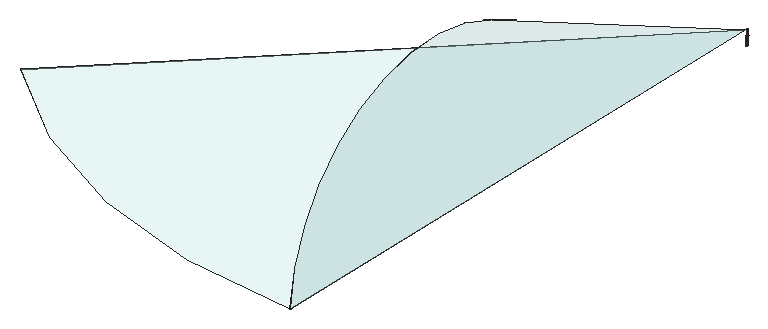
Revit family "Rotor 5000 Series - 5006+PCSAMRNS", category Acessórios do tubo, Revit 2020
Family settings
  Cota do conector redondo = Utilizar diâmetro
  Tipo de parte = Normal
  Número OmniClass = 23.60.30.11.14
  Título OmniClass = Pipework Fittings
  Com base no plano de trabalho = Não
  Sempre na vertical = Sim
  Corte com vazios quando carregada = Não
  Compartilhado = Não
Parameters (values of type "Rain Curtain 6.0")
  Water = Water
  URL = "https://www.rainbird.com/"
  TABLE 65 = "TABLE 65psi"
  TABLE 55 75 = "TABLE 55 75psi"
  TABLE 55 = "TABLE 55psi"
  TABLE 45 = "TABLE 45psi"
  TABLE 35 = "TABLE 35psi"
  TABLE 25 = "TABLE 25psi"
  SupportProjetos: Reviw Date = ""  # constant formula
  SupportProjetos: Reviw = "R00"  # constant formula
  SupportProjetos: Level of Detail = "LOD 300"  # constant formula
  SupportProjetos: Developed = "MICHEL SOARES MOTA"  # constant formula
  SupportProjetos: Creation Date = "07/08/2020"  # constant formula
  Side inlet = no
  Rotation Water Visibility [instance] = Pop up on  # yes
  Rotation Angle [instance] = 45.00°
  RainBird: Product Link = "https://www.rainbird.com/"
  RainBird: Description = "5006+PC-SAM-R-NP-SS Rotor "  # constant formula
  RainBird: Comment [instance] = ""
  RainBird: Code = "Y65970SSNP"  # constant formula
  Radius [instance] = if(and(Pressure = 25.0 psi, Instance < 25 ft), size_lookup(TABLE 25, "Radius", 0 ft, Instance), if(and(Pressure = 35.0 psi, Instance < 25 ft), size_lookup(TABLE 35, "Radius", 0 ft, Instance), if(and(Pressure = 45.0 psi, Instance < 25 ft), size_lookup(TABLE 45, "Radius", 0 ft, Instance), if(and(Pressure = 55.0 psi, Instance < 13 ft), size_lookup(TABLE 55, "Radius", 0 ft, Instance), if(and(Pressure = 65.0 psi, Instance < 13 ft), size_lookup(TABLE 65, "Radius", 0 ft, Instance), if(and(Pressure > 55.0 psi, Instance > 13 ft), size_lookup(TABLE 55 75, "Radius", 0 ft, Instance), 0 ft))))))  # 50 ft
  RT = 0.009893 ft
  RN = 0.032808 ft
  R5 = 0.03937 ft
  R4 = 0.04101 ft
  R3 = 0.065617 ft
  R2 = 0.075407 ft
  R1 = 0.032808 ft
  Pressure [instance] = 55.0 psi
  Pop up height = 0.499 ft  # constant formula
  Pop up on [instance] = yes
  Modelo = "5006+PCSAMRNS"  # constant formula
  Instance = 7 ft
  H1 = Body height / 3  # 0.268 ft
  Flow [instance] = if(and(Pressure = 25.0 psi, Instance < 25 ft), size_lookup(TABLE 25, "Flow", 0.0 GPM, Instance), if(and(Pressure = 35.0 psi, Instance < 25 ft), size_lookup(TABLE 35, "Flow", 0.0 GPM, Instance), if(and(Pressure = 45.0 psi, Instance < 25 ft), size_lookup(TABLE 45, "Flow", 0.0 GPM, Instance), if(and(Pressure = 55.0 psi, Instance < 13 ft), size_lookup(TABLE 55, "Flow", 0.0 GPM, Instance), if(and(Pressure = 65.0 psi, Instance < 13 ft), size_lookup(TABLE 65, "Flow", 0.0 GPM, Instance), if(and(Pressure > 55.0 psi, Instance > 13 ft), size_lookup(TABLE 55 75, "Flow", 0.0 GPM, Instance), 0.0 GPM))))))  # 6.63 GPM
  Fabricante = "Rain Bird"
  Elevação padrão = 0 ft
  Description = RainBird: Description  # "5006+PC-SAM-R-NP-SS Rotor "
  DD13 = 0.002625 ft
  DD12 = 0.003937 ft
  DD11 = 0.009897 ft
  DD10 = 0.016404 ft
  DD8 [instance] = if(Pop up on, Pop up height, 0 ft)  # 0.499 ft
  DD7 = 0.019685 ft
  DD6 [instance] = 0.016404 ft
  DD5 = 0.065617 ft
  DD4 = 0.032808 ft
  DD3 = 0.091048 ft
  DD2 [instance] = 0.024514 ft
  DD9 [instance] = if(Pop up on, Pop up height + 0.049541 ft, 0 ft)  # 0.548541 ft
  DD1 = 0.006562 ft
  Conection = 0.062664 ft  # constant formula
  Body height = 0.804 ft  # constant formula
  Blue = Blue Plastic
  Black Plastic = Black Plastic
  Angle = 25.00°
Types (25, lengths in ft): name | Rotation Angle | Radius | Pressure | Instance | Flow
  (no name) | 45.00° | 50 | 55.0 psi | 7 | 6.63 GPM
  Rain Curtain 1.5 | 180.00° | 33 | 25.0 psi | 1 | 1.12 GPM
  Rain Curtain 2.0 | 180.00° | 35 | 25.0 psi | 2 | 1.5 GPM
  Rain Curtain 3.0 | 180.00° | 36 | 25.0 psi | 4 | 2.26 GPM
  Rain Curtain 4.0 | 180.00° | 36 | 25.0 psi | 5 | 2.91 GPM
  Rain Curtain 5.0 | 180.00° | 37 | 25.0 psi | 6 | 3.72 GPM
  Rain Curtain 6.0 | 45.00° | 50 | 55.0 psi | 7 | 6.63 GPM
  Rain Curtain 8.0 | 180.00° | 33 | 25.0 psi | 8 | 5.9 GPM
  Rain Curtain 2.5 | 180.00° | 35 | 25.0 psi | 3 | 1.81 GPM
  1.0 LA | 180.00° | 25 | 25.0 psi | 9 | 0.76 GPM
  1.5 LA | 180.00° | 27 | 25.0 psi | 10 | 1.15 GPM
  2.0 LA | 180.00° | 29 | 25.0 psi | 11 | 1.47 GPM
  3.0 LA | 180.00° | 29 | 25.0 psi | 12 | 2.23 GPM
  PRS Rain Curtain 1.5 | 180.00° | 33 | 25.0 psi | 13 | 1.12 GPM
  PRS Rain Curtain 2.0 | 180.00° | 35 | 25.0 psi | 14 | 1.5 GPM
  PRS Rain Curtain 2.5 | 180.00° | 35 | 25.0 psi | 15 | 1.81 GPM
  PRS Rain Curtain 3.0 | 180.00° | 36 | 25.0 psi | 16 | 2.26 GPM
  PRS Rain Curtain 4.0 | 180.00° | 36 | 25.0 psi | 17 | 2.91 GPM
  PRS Rain Curtain 5.0 | 180.00° | 37 | 25.0 psi | 18 | 3.72 GPM
  PRS Rain Curtain 6.0 | 180.00° | 37 | 25.0 psi | 19 | 4.25 GPM
  PRS Rain Curtain 8.0 | 180.00° | 33 | 25.0 psi | 20 | 5.9 GPM
  PRS 1.0 LA | 180.00° | 25 | 25.0 psi | 21 | 0.76 GPM
  PRS 1.5 LA | 180.00° | 27 | 25.0 psi | 22 | 1.15 GPM
  PRS 2.0 LA | 180.00° | 29 | 25.0 psi | 23 | 1.47 GPM
  PRS 3.0 LA | 180.00° | 29 | 25.0 psi | 24 | 2.23 GPM
Reference planes (ft)
  plane 1 "Centro (Frente/Trás)": y = 0
  plane 2: z = 0
  plane 3 "Centro (Esquerda/Direita)": x = 0
  plane 4: z = 0.003937
  plane 5: z = 0.002625
  plane 6: y = -0.065617
Forms (ft)
  Revolve 1, solid, material "Black Plastic" <- "Black Plastic"
    sketch origin (0, 0, 0) x (1, 0, 0) y (0, 0, 1)
      loop
        line (0.075407, -0.091048) -> (0.075407, -0.035324)
        arc (0.075407, -0.035324) -> (0.072509, -0.028329) -> (0.065514, -0.025431) r 0.009893
        line (0.065514, -0.025431) -> (0.046098, -0.025431) -> (0.046098, 0) -> (0.03937, 0) -> (0.03937, -0.499) -> (0.019685, -0.499) -> (0.019685, -0.797438) -> (0.032808, -0.797438) -> (0.032808, -0.804) -> (0.04101, -0.804) -> (0.04101, -0.797438) -> (0.055724, -0.797438)
        arc (0.055724, -0.797438) -> (0.062719, -0.794541) -> (0.065617, -0.787545) r 0.009893
        line (0.065617, -0.787545) -> (0.065617, -0.091048) -> (0.075407, -0.091048)
      axis (0, -0.804) -> (0, 0)
    angle from 0 to 360
  Extrusion 2, solid, material "Black Plastic" <- "Black Plastic"
    sketch origin (0, 0, 0) x (1, 0, 0) y (0, 1, 0)
      loop
        circle (0, 0) r 0.032808
    from -0.499 to 0.499
  Extrusion 3, void
    sketch origin (0, 0, 0) x (1, 0, 0) y (0, 1, 0)
      loop
        circle (0, 0) r 0.022844
    from -0.499 to 0.499
  Revolve 4, solid, material "Black Plastic" <- "Black Plastic"
    sketch origin (0, 0, 0) x (1, 0, 0) y (0, 0, 1)
      loop
        line (0, 0.499) -> (0.037004, 0.499) -> (0.037004, 0.508897)
        arc (0.037004, 0.508897) -> (0.01879, 0.51379) -> (0, 0.515404) r 0.10685
        line (0, 0.515404) -> (0, 0.499)
      axis (0, 0.499) -> (0, 0.515404)
    angle from 0 to 360
  Extrusion 5, solid, material "Blue Plastic" <- "Blue"
    sketch origin (0, 0, 0) x (1, 0, 0) y (0, 0, 1)
      loop
        circle (0, 0.474486) r 0.009129
      loop
        circle (0, 0.474486) r 0.004793
    from 0 to 0.034386
  Extrusion 6, void
    sketch origin (0, 0, 0) x (1, 0, 0) y (0, 0, 1)
      loop
        line (-0.02074, 0.328055) -> (-0.02074, 0.282426) -> (0.020672, 0.282426) -> (0.020672, 0.328055) -> (-0.02074, 0.328055)
      loop
        line (-0.018439, 0.325179) -> (-0.018439, 0.285685) -> (0.018179, 0.285685) -> (0.018179, 0.325179) -> (-0.018439, 0.325179)
    from 0.024556 to 0.06931
  Extrusion 7, solid, material "Black Plastic" <- "Black Plastic"
    sketch origin (0, 0, 0) x (1, 0, 0) y (0, 0, 1)
      loop
        line (0.046098, 0) -> (0.046098, -0.036876) -> (0.073493, -0.036876) -> (0.046098, 0)
    from -0.002998 to 0.002998
  Extrusion 8, solid, material "Black Plastic" <- "Black Plastic"
    sketch origin (0, 0, 0) x (-1, 0, 0) y (0, 0, -1)
      loop
        line (0.046098, 0) -> (0.073493, 0.036876) -> (0.046098, 0.036876) -> (0.046098, 0)
    from -0.002998 to 0.002998
  Extrusion 9, solid, material "Black Plastic" <- "Black Plastic"
    sketch origin (0, 0, 0) x (0.866025, 0.5, 0) y (0, 0, 1)
      loop
        line (0.046098, 0) -> (0.046098, -0.036876) -> (0.073493, -0.036876) -> (0.046098, 0)
    from -0.002998 to 0.002998
  Extrusion 10, solid, material "Black Plastic" <- "Black Plastic"
    sketch origin (0, 0, 0) x (-0.866025, -0.5, 0) y (0, 0, -1)
      loop
        line (0.046098, 0) -> (0.073493, 0.036876) -> (0.046098, 0.036876) -> (0.046098, 0)
    from -0.002998 to 0.002998
  Extrusion 11, solid, material "Black Plastic" <- "Black Plastic"
    sketch origin (0, 0, 0) x (0, 1, 0) y (0, 0, 1)
      loop
        line (0.046098, 0) -> (0.046098, -0.036876) -> (0.073493, -0.036876) -> (0.046098, 0)
    from -0.002998 to 0.002998
  Extrusion 12, solid, material "Black Plastic" <- "Black Plastic"
    sketch origin (0, 0, 0) x (0, -1, 0) y (0, 0, -1)
      loop
        line (0.046098, 0) -> (0.073493, 0.036876) -> (0.046098, 0.036876) -> (0.046098, 0)
    from -0.002998 to 0.002998
  Extrusion 13, solid, material "Black Plastic" <- "Black Plastic"
    sketch origin (0, 0, 0) x (0.5, 0.866025, 0) y (0, 0, 1)
      loop
        line (0.046098, 0) -> (0.046098, -0.036876) -> (0.073493, -0.036876) -> (0.046098, 0)
    from -0.002998 to 0.002998
  Extrusion 14, solid, material "Black Plastic" <- "Black Plastic"
    sketch origin (0, 0, 0) x (-0.5, -0.866025, 0) y (0, 0, -1)
      loop
        line (0.046098, 0) -> (0.073493, 0.036876) -> (0.046098, 0.036876) -> (0.046098, 0)
    from -0.002998 to 0.002998
  Extrusion 15, solid, material "Black Plastic" <- "Black Plastic"
    sketch origin (0, 0, 0) x (-0.5, 0.866025, 0) y (0, 0, 1)
      loop
        line (0.046098, 0) -> (0.046098, -0.036876) -> (0.073493, -0.036876) -> (0.046098, 0)
    from -0.002998 to 0.002998
  Extrusion 16, solid, material "Black Plastic" <- "Black Plastic"
    sketch origin (0, 0, 0) x (0.5, -0.866025, 0) y (0, 0, -1)
      loop
        line (0.046098, 0) -> (0.073493, 0.036876) -> (0.046098, 0.036876) -> (0.046098, 0)
    from -0.002998 to 0.002998
  Extrusion 17, solid, material "Black Plastic" <- "Black Plastic"
    sketch origin (0, 0, 0) x (-0.866025, 0.5, 0) y (0, 0, 1)
      loop
        line (0.046098, 0) -> (0.046098, -0.036876) -> (0.073493, -0.036876) -> (0.046098, 0)
    from -0.002998 to 0.002998
  Extrusion 18, solid, material "Black Plastic" <- "Black Plastic"
    sketch origin (0, 0, 0) x (0.866025, -0.5, 0) y (0, 0, -1)
      loop
        line (0.046098, 0) -> (0.073493, 0.036876) -> (0.046098, 0.036876) -> (0.046098, 0)
    from -0.002998 to 0.002998
  Extrusion 19, void
    sketch origin (0, 0, 0) x (1, 0, 0) y (0, 1, 0)
      loop
        line (-0.002998, 0.077702) -> (-0.002998, 0.071655) -> (0.002998, 0.071655) -> (0.002998, 0.077702) -> (-0.002998, 0.077702)
    from -0.091048 to 0.82021
  Extrusion 20, void
    sketch origin (0, 0, 0) x (1, 0, 0) y (0, 1, 0)
      loop
        line (0.002998, -0.077702) -> (0.002998, -0.071655) -> (-0.002998, -0.071655) -> (-0.002998, -0.077702) -> (0.002998, -0.077702)
    from -0.091048 to 0.82021
  Extrusion 21, void
    sketch origin (0, 0, 0) x (0.965926, 0.258819, 0) y (-0.258819, 0.965926, 0)
      loop
        line (-0.002998, 0.077702) -> (-0.002998, 0.071655) -> (0.002998, 0.071655) -> (0.002998, 0.077702) -> (-0.002998, 0.077702)
    from -0.091048 to 0.82021
  Extrusion 22, void
    sketch origin (0, 0, 0) x (0.965926, 0.258819, 0) y (-0.258819, 0.965926, 0)
      loop
        line (0.002998, -0.077702) -> (0.002998, -0.071655) -> (-0.002998, -0.071655) -> (-0.002998, -0.077702) -> (0.002998, -0.077702)
    from -0.091048 to 0.82021
  Extrusion 23, void
    sketch origin (0, 0, 0) x (0.866025, 0.5, 0) y (-0.5, 0.866025, 0)
      loop
        line (-0.002998, 0.077702) -> (-0.002998, 0.071655) -> (0.002998, 0.071655) -> (0.002998, 0.077702) -> (-0.002998, 0.077702)
    from -0.091048 to 0.82021
  Extrusion 24, void
    sketch origin (0, 0, 0) x (0.866025, 0.5, 0) y (-0.5, 0.866025, 0)
      loop
        line (0.002998, -0.077702) -> (0.002998, -0.071655) -> (-0.002998, -0.071655) -> (-0.002998, -0.077702) -> (0.002998, -0.077702)
    from -0.091048 to 0.82021
  Extrusion 25, void
    sketch origin (0, 0, 0) x (0.5, 0.866025, 0) y (-0.866025, 0.5, 0)
      loop
        line (-0.002998, 0.077702) -> (-0.002998, 0.071655) -> (0.002998, 0.071655) -> (0.002998, 0.077702) -> (-0.002998, 0.077702)
    from -0.091048 to 0.82021
  Extrusion 26, void
    sketch origin (0, 0, 0) x (0.5, 0.866025, 0) y (-0.866025, 0.5, 0)
      loop
        line (0.002998, -0.077702) -> (0.002998, -0.071655) -> (-0.002998, -0.071655) -> (-0.002998, -0.077702) -> (0.002998, -0.077702)
    from -0.091048 to 0.82021
  Extrusion 27, void
    sketch origin (0, 0, 0) x (0.707107, 0.707107, 0) y (-0.707107, 0.707107, 0)
      loop
        line (-0.002998, 0.077702) -> (-0.002998, 0.071655) -> (0.002998, 0.071655) -> (0.002998, 0.077702) -> (-0.002998, 0.077702)
    from -0.091048 to 0.82021
  Extrusion 28, void
    sketch origin (0, 0, 0) x (0.707107, 0.707107, 0) y (-0.707107, 0.707107, 0)
      loop
        line (0.002998, -0.077702) -> (0.002998, -0.071655) -> (-0.002998, -0.071655) -> (-0.002998, -0.077702) -> (0.002998, -0.077702)
    from -0.091048 to 0.82021
  Extrusion 29, void
    sketch origin (0, 0, 0) x (0.258819, 0.965926, 0) y (-0.965926, 0.258819, 0)
      loop
        line (-0.002998, 0.077702) -> (-0.002998, 0.071655) -> (0.002998, 0.071655) -> (0.002998, 0.077702) -> (-0.002998, 0.077702)
    from -0.091048 to 0.82021
  Extrusion 30, void
    sketch origin (0, 0, 0) x (0.258819, 0.965926, 0) y (-0.965926, 0.258819, 0)
      loop
        line (0.002998, -0.077702) -> (0.002998, -0.071655) -> (-0.002998, -0.071655) -> (-0.002998, -0.077702) -> (0.002998, -0.077702)
    from -0.091048 to 0.82021
  Extrusion 31, void
    sketch origin (0, 0, 0) x (0, 1, 0) y (-1, 0, 0)
      loop
        line (-0.002998, 0.077702) -> (-0.002998, 0.071655) -> (0.002998, 0.071655) -> (0.002998, 0.077702) -> (-0.002998, 0.077702)
    from -0.091048 to 0.82021
  Extrusion 32, void
    sketch origin (0, 0, 0) x (0, 1, 0) y (-1, 0, 0)
      loop
        line (0.002998, -0.077702) -> (0.002998, -0.071655) -> (-0.002998, -0.071655) -> (-0.002998, -0.077702) -> (0.002998, -0.077702)
    from -0.091048 to 0.82021
  Extrusion 33, void
    sketch origin (0, 0, 0) x (-0.258819, 0.965926, 0) y (-0.965926, -0.258819, 0)
      loop
        line (-0.002998, 0.077702) -> (-0.002998, 0.071655) -> (0.002998, 0.071655) -> (0.002998, 0.077702) -> (-0.002998, 0.077702)
    from -0.091048 to 0.82021
  Extrusion 34, void
    sketch origin (0, 0, 0) x (-0.258819, 0.965926, 0) y (-0.965926, -0.258819, 0)
      loop
        line (0.002998, -0.077702) -> (0.002998, -0.071655) -> (-0.002998, -0.071655) -> (-0.002998, -0.077702) -> (0.002998, -0.077702)
    from -0.091048 to 0.82021
  Extrusion 35, void
    sketch origin (0, 0, 0) x (-0.5, 0.866025, 0) y (-0.866025, -0.5, 0)
      loop
        line (-0.002998, 0.077702) -> (-0.002998, 0.071655) -> (0.002998, 0.071655) -> (0.002998, 0.077702) -> (-0.002998, 0.077702)
    from -0.091048 to 0.82021
  Extrusion 36, void
    sketch origin (0, 0, 0) x (-0.5, 0.866025, 0) y (-0.866025, -0.5, 0)
      loop
        line (0.002998, -0.077702) -> (0.002998, -0.071655) -> (-0.002998, -0.071655) -> (-0.002998, -0.077702) -> (0.002998, -0.077702)
    from -0.091048 to 0.82021
  Extrusion 37, void
    sketch origin (0, 0, 0) x (-0.707107, 0.707107, 0) y (-0.707107, -0.707107, 0)
      loop
        line (-0.002998, 0.077702) -> (-0.002998, 0.071655) -> (0.002998, 0.071655) -> (0.002998, 0.077702) -> (-0.002998, 0.077702)
    from -0.091048 to 0.82021
  Extrusion 38, void
    sketch origin (0, 0, 0) x (-0.707107, 0.707107, 0) y (-0.707107, -0.707107, 0)
      loop
        line (0.002998, -0.077702) -> (0.002998, -0.071655) -> (-0.002998, -0.071655) -> (-0.002998, -0.077702) -> (0.002998, -0.077702)
    from -0.091048 to 0.82021
  Extrusion 39, void
    sketch origin (0, 0, 0) x (-0.866025, 0.5, 0) y (-0.5, -0.866025, 0)
      loop
        line (-0.002998, 0.077702) -> (-0.002998, 0.071655) -> (0.002998, 0.071655) -> (0.002998, 0.077702) -> (-0.002998, 0.077702)
    from -0.091048 to 0.82021
  Extrusion 40, void
    sketch origin (0, 0, 0) x (-0.866025, 0.5, 0) y (-0.5, -0.866025, 0)
      loop
        line (0.002998, -0.077702) -> (0.002998, -0.071655) -> (-0.002998, -0.071655) -> (-0.002998, -0.077702) -> (0.002998, -0.077702)
    from -0.091048 to 0.82021
  Extrusion 41, void
    sketch origin (0, 0, 0) x (-0.965926, 0.258819, 0) y (-0.258819, -0.965926, 0)
      loop
        line (-0.002998, 0.077702) -> (-0.002998, 0.071655) -> (0.002998, 0.071655) -> (0.002998, 0.077702) -> (-0.002998, 0.077702)
    from -0.091048 to 0.82021
  Extrusion 42, void
    sketch origin (0, 0, 0) x (-0.965926, 0.258819, 0) y (-0.258819, -0.965926, 0)
      loop
        line (0.002998, -0.077702) -> (0.002998, -0.071655) -> (-0.002998, -0.071655) -> (-0.002998, -0.077702) -> (0.002998, -0.077702)
    from -0.091048 to 0.82021
  Extrusion 43, solid, material "Water" <- "Water", visible <- "Rotation Water Visibility"
    sketch origin (0, 0, 0) x (0, 1, 0) y (0, 0, 1)
      loop
        line (-0.032808, 0.474486) -> (-27.969074, 13.50138)
        arc (-27.969074, 13.50138) -> (-42.432078, 12.799272) -> (-50.032808, 0.474486) r 15.534311
        line (-50.032808, 0.474486) -> (-0.032808, 0.474486)
    from -0.008202 to 0.008202
Cuts and joins
  Extrusion 3, Extrusion 6 cuts Extrusion 2
  Extrusion 19, Extrusion 20, Extrusion 21, Extrusion 22, Extrusion 23, Extrusion 24, Extrusion 25, Extrusion 26, Extrusion 27, Extrusion 28, Extrusion 29, Extrusion 30, Extrusion 31, Extrusion 32, Extrusion 33, Extrusion 34, Extrusion 35, Extrusion 36, Extrusion 37, Extrusion 38, Extrusion 39, Extrusion 40, Extrusion 41, Extrusion 42 cuts Revolve 1
Dimensions and locks (ft)
  "Body height": level to Revolve 1 sketch curve
  "R2": Revolve 1 sketch curve to plane 3 "Centro (Esquerda/Direita)"
  "DD1": Revolve 1 sketch curve to Revolve 1 sketch curve
  "DD3": level to Revolve 1 sketch curve
  Revolve 1 sketch curve to plane 3 "Centro (Esquerda/Direita)" = 0.065617 ft
  "R4": Revolve 1 sketch curve to plane 3 "Centro (Esquerda/Direita)"
  "RN": Revolve 1 sketch curve to plane 3 "Centro (Esquerda/Direita)"
  "Pop up height": level to Revolve 1 sketch curve
  "R5": plane 3 "Centro (Esquerda/Direita)" to Revolve 1 sketch curve
  "DD7": Revolve 1 sketch curve to plane 3 "Centro (Esquerda/Direita)"
  "DD8": Extrusion 2 to level
  "DD12": plane 4 to level
  "DD13": plane 5 to level
  "R3": plane 6 to plane 1 "Centro (Frente/Trás)"
  "DD5": Revolve 1 sketch curve to Revolve 1 sketch curve
  "DD10": Revolve 4 sketch curve to Revolve 4 sketch curve
  "DD11": Revolve 4 sketch curve to Revolve 4 sketch curve
  "DD2": Revolve 4 to Extrusion 5 sketch curve  (x2)
  Extrusion 7 to plane 3 "Centro (Esquerda/Direita)" = 0.046098 ft
  equal spacing: Extrusion 7, plane 1 "Centro (Frente/Trás)", Extrusion 7
  Extrusion 8 to Extrusion 8 = 0.005995 ft
  Extrusion 9 to Extrusion 9 = 0.005995 ft
  Extrusion 20 sketch curve to Extrusion 20 sketch curve = 0.005995 ft
  Extrusion 22 sketch curve to Extrusion 22 sketch curve = 0.005995 ft
  Extrusion 24 sketch curve to Extrusion 24 sketch curve = 0.005995 ft
  Extrusion 26 sketch curve to Extrusion 26 sketch curve = 0.005995 ft
  Extrusion 28 sketch curve to Extrusion 28 sketch curve = 0.005995 ft
  Extrusion 30 sketch curve to Extrusion 30 sketch curve = 0.005995 ft
  Extrusion 32 sketch curve to Extrusion 32 sketch curve = 0.005995 ft
  Extrusion 34 sketch curve to Extrusion 34 sketch curve = 0.005995 ft
  Extrusion 36 sketch curve to Extrusion 36 sketch curve = 0.005995 ft
  Extrusion 38 sketch curve to Extrusion 38 sketch curve = 0.005995 ft
  Extrusion 40 sketch curve to Extrusion 40 sketch curve = 0.005995 ft
  Extrusion 42 sketch curve to Extrusion 42 sketch curve = 0.005995 ft
  "DD4": plane 1 "Centro (Frente/Trás)" to Extrusion 43 sketch curve
  "DD2": Revolve 4 to Extrusion 43 sketch curve
  "Radius": Extrusion 43 sketch curve to Extrusion 43 sketch curve
  equal spacing: Extrusion 43, plane 3 "Centro (Esquerda/Direita)", Extrusion 43
  "DD6": Extrusion 43 to Extrusion 43
  "DD2": Revolve 4 to nested 1
  "RT": radius of Revolve 1 sketch curve  (x2)
  "R1": radius of Extrusion 2 sketch curve
  "Angle": angle Extrusion 43 sketch curve to Extrusion 43 sketch curve
  aligned and locked: level to plane 2
  aligned and locked: Revolve 1 sketch curve to Revolve 1 sketch curve
  aligned and locked: Extrusion 2 to Revolve 1
  aligned and locked: cut or joined group of Extrusion 2, Extrusion 3, Extrusion 6 to cut or joined group of Extrusion 2, Extrusion 3, Extrusion 6  (x2)
  aligned and locked: Revolve 4 sketch curve to cut or joined group of Extrusion 2, Extrusion 3, Extrusion 6
  aligned and locked: Extrusion 20 to Revolve 1
  aligned and locked: Extrusion 22 to Revolve 1
  aligned and locked: Extrusion 24 to Revolve 1
  aligned and locked: Extrusion 28 to Revolve 1
  aligned and locked: Extrusion 26 to Revolve 1
  aligned and locked: Extrusion 30 to Revolve 1
  aligned and locked: Extrusion 32 to Revolve 1
  aligned and locked: Extrusion 34 to Revolve 1
  aligned and locked: Revolve 1 to Extrusion 36
  aligned and locked: Revolve 1 to Extrusion 38
  aligned and locked: Extrusion 41 to Revolve 1
  aligned and locked: Extrusion 39 to Revolve 1
  aligned and locked: Extrusion 37 to Revolve 1
  aligned and locked: Extrusion 35 to Revolve 1
  aligned and locked: Extrusion 33 to Revolve 1
  aligned and locked: Extrusion 31 to Revolve 1
  aligned and locked: Extrusion 29 to Revolve 1
  aligned and locked: Revolve 1 to Extrusion 25
  aligned and locked: Revolve 1 to Extrusion 27
  aligned and locked: Revolve 1 to Extrusion 19
  aligned and locked: Revolve 1 to Extrusion 21
  aligned and locked: Revolve 1 to Extrusion 42
  aligned and locked: Revolve 1 to Extrusion 40
  aligned and locked: Revolve 1 to Extrusion 23
Automatic sketch dimensions
  plane 1 "Centro (Frente/Trás)" to Extrusion 2 sketch curve = 0 ft
  Extrusion 2 sketch curve to plane 3 "Centro (Esquerda/Direita)" = 0 ft
  plane 1 "Centro (Frente/Trás)" to Extrusion 3 sketch curve = 0 ft
  Extrusion 3 sketch curve to plane 3 "Centro (Esquerda/Direita)" = 0 ft
  Revolve 4 sketch curve to plane 3 "Centro (Esquerda/Direita)" = 0 ft  (x2)
  plane 3 "Centro (Esquerda/Direita)" to Revolve 4 sketch curve = 0.000284 ft
  plane 3 "Centro (Esquerda/Direita)" to Revolve 4 sketch curve = 0.037004 ft
  Revolve 4 sketch curve to Revolve 4 sketch curve = 0.015719 ft
  Revolve 4 sketch curve to Revolve 4 sketch curve = 0.114829 ft
  Extrusion 5 sketch curve to Extrusion 5 sketch curve = 0 ft
  Extrusion 5 sketch curve to plane 3 "Centro (Esquerda/Direita)" = 0 ft
  Extrusion 6 sketch curve to plane 3 "Centro (Esquerda/Direita)" = 0.02074 ft
  Extrusion 6 sketch curve to Extrusion 6 sketch curve = 0.002301 ft
  plane 3 "Centro (Esquerda/Direita)" to Extrusion 6 sketch curve = 0.018179 ft
  Extrusion 6 sketch curve to Extrusion 6 sketch curve = 0.002492 ft
  plane 4 to Extrusion 6 sketch curve = 0.278489 ft
  Extrusion 6 sketch curve to Extrusion 6 sketch curve = 0.003259 ft
  Extrusion 6 sketch curve to Extrusion 6 sketch curve = 0.039494 ft
  Extrusion 6 sketch curve to Extrusion 6 sketch curve = 0.002876 ft
  Extrusion 7 sketch curve to level = 0 ft
  plane 3 "Centro (Esquerda/Direita)" to Extrusion 7 sketch curve = 0.046098 ft
  Extrusion 7 sketch curve to Extrusion 7 sketch curve = 0.027396 ft
  Extrusion 7 sketch curve to Extrusion 7 sketch curve = 0.036876 ft
  Extrusion 8 sketch curve to level = 0 ft
  plane 3 "Centro (Esquerda/Direita)" to Extrusion 8 sketch curve = 0.046098 ft
  Extrusion 8 sketch curve to Extrusion 8 sketch curve = 0.027396 ft
  Extrusion 8 sketch curve to Extrusion 8 sketch curve = 0.036876 ft
  Extrusion 9 sketch curve to level = 0 ft
  Extrusion 9 sketch curve to level = 0.036876 ft
  Extrusion 9 sketch curve to Extrusion 9 sketch curve = 0.027396 ft
  Extrusion 10 sketch curve to level = 0 ft
  Extrusion 10 sketch curve to level = 0.036876 ft
  Extrusion 10 sketch curve to Extrusion 10 sketch curve = 0.027396 ft
  Extrusion 11 sketch curve to level = 0 ft
  Extrusion 11 sketch curve to plane 1 "Centro (Frente/Trás)" = 0.046098 ft
  Extrusion 11 sketch curve to Extrusion 11 sketch curve = 0.027396 ft
  Extrusion 11 sketch curve to Extrusion 11 sketch curve = 0.036876 ft
  Extrusion 12 sketch curve to level = 0 ft
  plane 6 to Extrusion 12 sketch curve = 0.019519 ft
  Extrusion 12 sketch curve to plane 6 = 0.007877 ft
  Extrusion 12 sketch curve to level = 0.036876 ft
  Extrusion 13 sketch curve to level = 0 ft
  Extrusion 13 sketch curve to level = 0.036876 ft
  Extrusion 13 sketch curve to Extrusion 13 sketch curve = 0.027396 ft
  Extrusion 14 sketch curve to level = 0 ft
  Extrusion 14 sketch curve to level = 0.036876 ft
  Extrusion 14 sketch curve to Extrusion 14 sketch curve = 0.027396 ft
  level to Extrusion 15 sketch curve = 0 ft
  Extrusion 15 sketch curve to level = 0.036876 ft
  Extrusion 15 sketch curve to Extrusion 15 sketch curve = 0.027396 ft
  level to Extrusion 16 sketch curve = 0 ft
  Extrusion 16 sketch curve to level = 0.036876 ft
  Extrusion 16 sketch curve to Extrusion 16 sketch curve = 0.027396 ft
  level to Extrusion 17 sketch curve = 0 ft
  Extrusion 17 sketch curve to level = 0.036876 ft
  Extrusion 17 sketch curve to Extrusion 17 sketch curve = 0.027396 ft
  level to Extrusion 18 sketch curve = 0 ft
  Extrusion 18 sketch curve to level = 0.036876 ft
  Extrusion 18 sketch curve to Extrusion 18 sketch curve = 0.027396 ft
  Extrusion 19 sketch curve to plane 3 "Centro (Esquerda/Direita)" = 0.002998 ft
  Extrusion 19 sketch curve to plane 1 "Centro (Frente/Trás)" = 0.071655 ft
  Extrusion 19 sketch curve to Extrusion 19 sketch curve = 0.006047 ft
  plane 3 "Centro (Esquerda/Direita)" to Extrusion 20 sketch curve = 0.002998 ft
  plane 6 to Extrusion 20 sketch curve = 0.006038 ft
  Extrusion 20 sketch curve to Extrusion 20 sketch curve = 0.006047 ft
  plane 3 "Centro (Esquerda/Direita)" to Extrusion 19 sketch curve = 0.002998 ft
  Extrusion 21 sketch curve to plane 3 "Centro (Esquerda/Direita)" = 0.021441 ft
  Extrusion 21 sketch curve to plane 1 "Centro (Frente/Trás)" = 0.068438 ft
  Extrusion 21 sketch curve to Extrusion 21 sketch curve = 0.005995 ft
  Extrusion 21 sketch curve to Extrusion 21 sketch curve = 0.006047 ft
  Extrusion 22 sketch curve to plane 6 = 0.010213 ft
  plane 3 "Centro (Esquerda/Direita)" to Extrusion 22 sketch curve = 0.017215 ft
  Extrusion 22 sketch curve to Extrusion 22 sketch curve = 0.006047 ft
  Extrusion 23 sketch curve to plane 3 "Centro (Esquerda/Direita)" = 0.038424 ft
  Extrusion 23 sketch curve to plane 1 "Centro (Frente/Trás)" = 0.060556 ft
  Extrusion 23 sketch curve to Extrusion 23 sketch curve = 0.005995 ft
  Extrusion 23 sketch curve to Extrusion 23 sketch curve = 0.006047 ft
  Extrusion 24 sketch curve to plane 6 = 0.003174 ft
  plane 3 "Centro (Esquerda/Direita)" to Extrusion 24 sketch curve = 0.036255 ft
  Extrusion 24 sketch curve to Extrusion 24 sketch curve = 0.006047 ft
  Extrusion 25 sketch curve to plane 1 "Centro (Frente/Trás)" = 0.033231 ft
  Extrusion 25 sketch curve to plane 3 "Centro (Esquerda/Direita)" = 0.063554 ft
  Extrusion 25 sketch curve to Extrusion 25 sketch curve = 0.005995 ft
  Extrusion 25 sketch curve to Extrusion 25 sketch curve = 0.006047 ft
  Extrusion 26 sketch curve to plane 6 = 0.02417 ft
  Extrusion 26 sketch curve to plane 3 "Centro (Esquerda/Direita)" = 0.065793 ft
  Extrusion 26 sketch curve to Extrusion 26 sketch curve = 0.006047 ft
  Extrusion 27 sketch curve to plane 1 "Centro (Frente/Trás)" = 0.048548 ft
  Extrusion 27 sketch curve to plane 3 "Centro (Esquerda/Direita)" = 0.052787 ft
  Extrusion 27 sketch curve to Extrusion 27 sketch curve = 0.005995 ft
  Extrusion 27 sketch curve to Extrusion 27 sketch curve = 0.006047 ft
  plane 6 to Extrusion 28 sketch curve = 0.008554 ft
  plane 3 "Centro (Esquerda/Direita)" to Extrusion 28 sketch curve = 0.052824 ft
  Extrusion 28 sketch curve to Extrusion 28 sketch curve = 0.006047 ft
  Extrusion 29 sketch curve to plane 1 "Centro (Frente/Trás)" = 0.01565 ft
  Extrusion 29 sketch curve to plane 3 "Centro (Esquerda/Direita)" = 0.069989 ft
  Extrusion 29 sketch curve to Extrusion 29 sketch curve = 0.005995 ft
  Extrusion 29 sketch curve to Extrusion 29 sketch curve = 0.006047 ft
  plane 1 "Centro (Frente/Trás)" to Extrusion 30 sketch curve = 0.023006 ft
  plane 3 "Centro (Esquerda/Direita)" to Extrusion 30 sketch curve = 0.074278 ft
  Extrusion 30 sketch curve to Extrusion 30 sketch curve = 0.006047 ft
  plane 1 "Centro (Frente/Trás)" to Extrusion 31 sketch curve = 0.002998 ft
  Extrusion 31 sketch curve to plane 1 "Centro (Frente/Trás)" = 0.002998 ft
  Extrusion 31 sketch curve to plane 3 "Centro (Esquerda/Direita)" = 0.071655 ft
  Extrusion 31 sketch curve to Extrusion 31 sketch curve = 0.006047 ft
  plane 1 "Centro (Frente/Trás)" to Extrusion 32 sketch curve = 0.002998 ft
  plane 3 "Centro (Esquerda/Direita)" to Extrusion 32 sketch curve = 0.077702 ft
  Extrusion 32 sketch curve to Extrusion 32 sketch curve = 0.006047 ft
  plane 1 "Centro (Frente/Trás)" to Extrusion 33 sketch curve = 0.021441 ft
  Extrusion 33 sketch curve to plane 3 "Centro (Esquerda/Direita)" = 0.068438 ft
  Extrusion 33 sketch curve to Extrusion 33 sketch curve = 0.005995 ft
  Extrusion 33 sketch curve to Extrusion 33 sketch curve = 0.006047 ft
  Extrusion 34 sketch curve to plane 1 "Centro (Frente/Trás)" = 0.017215 ft
  plane 3 "Centro (Esquerda/Direita)" to Extrusion 34 sketch curve = 0.07583 ft
  Extrusion 34 sketch curve to Extrusion 34 sketch curve = 0.006047 ft
  plane 6 to Extrusion 35 sketch curve = 0.027193 ft
  Extrusion 35 sketch curve to plane 3 "Centro (Esquerda/Direita)" = 0.060556 ft
  Extrusion 35 sketch curve to Extrusion 35 sketch curve = 0.005995 ft
  Extrusion 35 sketch curve to Extrusion 35 sketch curve = 0.006047 ft
  Extrusion 36 sketch curve to plane 1 "Centro (Frente/Trás)" = 0.036255 ft
  plane 3 "Centro (Esquerda/Direita)" to Extrusion 36 sketch curve = 0.068791 ft
  Extrusion 36 sketch curve to Extrusion 36 sketch curve = 0.006047 ft
  plane 6 to Extrusion 37 sketch curve = 0.012829 ft
  Extrusion 37 sketch curve to plane 3 "Centro (Esquerda/Direita)" = 0.048548 ft
  Extrusion 37 sketch curve to Extrusion 37 sketch curve = 0.005995 ft
  Extrusion 37 sketch curve to Extrusion 37 sketch curve = 0.006047 ft
  Extrusion 38 sketch curve to plane 1 "Centro (Frente/Trás)" = 0.052824 ft
  plane 3 "Centro (Esquerda/Direita)" to Extrusion 38 sketch curve = 0.057063 ft
  Extrusion 38 sketch curve to Extrusion 38 sketch curve = 0.006047 ft
  plane 6 to Extrusion 39 sketch curve = 0.002063 ft
  Extrusion 39 sketch curve to plane 3 "Centro (Esquerda/Direita)" = 0.033231 ft
  Extrusion 39 sketch curve to Extrusion 39 sketch curve = 0.005995 ft
  Extrusion 39 sketch curve to Extrusion 39 sketch curve = 0.006047 ft
  plane 3 "Centro (Esquerda/Direita)" to Extrusion 40 sketch curve = 0.041447 ft
  Extrusion 40 sketch curve to plane 1 "Centro (Frente/Trás)" = 0.065793 ft
  Extrusion 40 sketch curve to Extrusion 40 sketch curve = 0.006047 ft
  Extrusion 41 sketch curve to plane 6 = 0.004372 ft
  Extrusion 41 sketch curve to plane 3 "Centro (Esquerda/Direita)" = 0.01565 ft
  Extrusion 41 sketch curve to Extrusion 41 sketch curve = 0.005995 ft
  Extrusion 41 sketch curve to Extrusion 41 sketch curve = 0.006047 ft
  plane 3 "Centro (Esquerda/Direita)" to Extrusion 42 sketch curve = 0.023006 ft
  Extrusion 42 sketch curve to plane 1 "Centro (Frente/Trás)" = 0.074278 ft
  Extrusion 42 sketch curve to Extrusion 42 sketch curve = 0.006047 ft
  Revolve 1 sketch curve to plane 3 "Centro (Esquerda/Direita)" = 0 ft
  Revolve 1 sketch curve to level = 0 ft
  Revolve 1 sketch curve to Revolve 1 sketch curve = 0.019416 ft
  plane 4 to Revolve 1 sketch curve = 0.079347 ft
  Revolve 1 sketch curve to Revolve 1 sketch curve = 0.918635 ft
  Extrusion 43 sketch curve to level = 0.577487 ft
  radius of Extrusion 3 sketch curve = 0.022844 ft
  radius of Extrusion 5 sketch curve = 0.009129 ft
  radius of Extrusion 5 sketch curve = 0.004793 ft
Nested families (ft)
  nested 1: "Water" at (0.000194, 0, 0.355228) x (0, -1, 0) z (0, 0, 1), DT9 <- "DD4", Radius <- "Radius", visible <- "Rotation Water Visibility", Rotation Angle <- "Rotation Angle", type "Water"
    with Rotation Angle 45.00°, Radius 50 ft, DT9 0.032808 ft, DT8 0 ft, DT7 200 ft, DT4 250 ft, Angle 2 315.00°
Connectors (ft)
  piping at (0, 0, -0.804), diameter 2
    settings: on cut or joined group of Revolve 1, Extrusion 19, Extrusion 20, Extrusion 21, Extrusion 22, Extrusion 23, Extrusion 24, Extrusion 25, Extrusion 26, Extrusion 27, Extrusion 28, Extrusion 29, Extrusion 30, Extrusion 31, Extrusion 32, Extrusion 33, Extrusion 34, Extrusion 35, Extrusion 36, Extrusion 37, Extrusion 38, Extrusion 39, Extrusion 40, Extrusion 41, Extrusion 42, index 1, connector inside diameter 609.6 mm, connector length 0 ft, flow factor 0, pipe flow 0.0 GPM, pressure drop 0.0 psi, fitting loss kfactor 0, connector angle 0.00°, fixture units 0, engagement length 0 ft, angle of deflection 0.00°, flow configuration 0, flow direction 0, fitting loss method 0, system type 28, joint type 0, gender type 0, connector reference index -1, connector utility 0, adjustable connector no, is connector primary yes, connector description ""
Definition of nested family "Water"
  Parameters (values of type "Water")
    Water Visibility (Circle) = yes
    Water = none
    URL = ""
    SupportProjetos: Reviw Date = ""  # constant formula
    SupportProjetos: Level of Detail = "LOD 300"  # constant formula
    SupportProjetos: Developed = "MICHEL SOARES MOTA"  # constant formula
    SupportProjetos: Creation Date = "16/07/2020"  # constant formula
    Rotation Angle [instance] = 90.00°
    Reviw = "R00"  # constant formula
    Radius [instance] = 14 ft
    Model = ""
    Default Elevation = 4 ft
    Description = ""
    DT9 [instance] = 0.032808 ft
    DT8 [instance] = if(Rotation Angle = 360.00°, 10 ft, 0 ft)  # 0 ft
    DT7 [instance] = 4 * Radius  # 56 ft
    DT4 [instance] = 5 * Radius  # 70 ft
    DT2 = 0.098425 ft  # constant formula
    DT6 = 0 ft
    Angle 2 [instance] = if(Rotation Angle = 360.00°, 180.00°, 360.00° - Rotation Angle)  # 270.00°
  Reference planes (ft)
    plane 1 "Centro (Frente/Trás)": y = 0
    plane 2: z = 0
    plane 3 "Centro (Esquerda/Direita)": x = 0
  Forms (ft)
    Revolve 1, solid, material <- "Water", visible <- "Water Visibility (Circle)"
      sketch origin (0, 0, 0) x (1, 0, 0) y (0, 0, 1)
        loop
          line (0.032808, 0.098425) -> (14.032808, 0.098425) -> (14.032808, 0.119259) -> (0.032808, 0.119259) -> (0.032808, 0.098425)
        axis (0, 0.098425) -> (0, 0.119259)
      angle from 0 to 360
    Extrusion 2, void
      sketch origin (0, 0, 0) x (1, 0, 0) y (0, 1, 0)
        loop
          line (0, 0) -> (70, 0) -> (70, 56)
          arc (70, 56) -> (-70.459018, 51.588344) -> (0, -70) r 81.847109
          line (0, -70) -> (0, 0)
      from 0 to 15.189231
  Cuts and joins
    Extrusion 2 cuts Revolve 1
  Dimensions and locks (ft)
    "DT2": Revolve 1 sketch curve to level
    "DT4": Extrusion 2 sketch curve to Extrusion 2 sketch curve  (x2)
    "DT6": Extrusion 2 sketch curve to plane 3 "Centro (Esquerda/Direita)"
    "DT7": Extrusion 2 sketch curve to Extrusion 2 sketch curve
    "DT8": cut or joined group of Revolve 1, Extrusion 2 to level
    "Radius": Revolve 1 sketch curve to Revolve 1 sketch curve
    "DT9": Revolve 1 sketch curve to plane 3 "Centro (Esquerda/Direita)"
    "Angle 2": angle Extrusion 2 sketch curve to Extrusion 2 sketch curve
    aligned and locked: level to plane 2
    aligned and locked: plane 1 "Centro (Frente/Trás)" to Extrusion 2 sketch curve
  Automatic sketch dimensions
    plane 3 "Centro (Esquerda/Direita)" to Extrusion 2 sketch curve = 1.088227 ft
    Revolve 1 sketch curve to plane 3 "Centro (Esquerda/Direita)" = 0 ft
    Revolve 1 sketch curve to Revolve 1 sketch curve = 0.020833 ft
    Revolve 1 sketch curve to Revolve 1 sketch curve = 0.032113 ft
    Revolve 1 sketch curve to Revolve 1 sketch curve = 10.2693 ft
